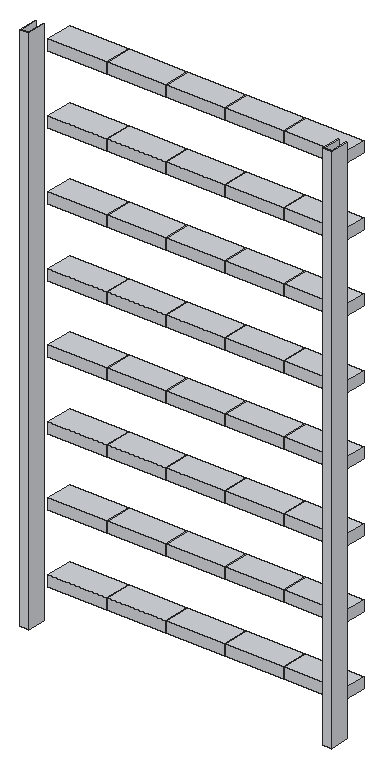
Revit family
Parameters
  c_spessoreU = 5 mm
  c_numerofile = (c_intervallobrise - c_distanzabrise) / (c_altezzabrise + c_distanzabrise)  # 8
  c_numerobrise = 5
  c_lunghezzabrise = 330 mm
  c_lunghezzaU = 100 mm
  c_luce [instance] = c_lunghezzabrise * c_numerobrise  # 1650 mm
  c_larghezzabrise = 150 mm
  c_intervallobrise = 2753 mm
  c_interpiano = 3000 mm
  c_internoU = 40 mm
  c_incidsole = 60.00°
  c_distanzabrise = (c_larghezzabrise * sin(c_incidsole)) / cos(c_incidsole)  # 259.808 mm
  c_altezzabrise = 60 mm
Reference planes
  plane 1 "Center (Front/Back)": y = 0
  plane 2: z = 0
  plane 3 "Left": x = 14.371
  plane 4: x = 1714.371
  plane 5: x = 1719.371
  plane 6: x = 1759.371
  plane 7: x = 1764.371
  plane 8: y = 5
  plane 9: y = 105
  plane 10: x = 19.371
  plane 11: x = 59.371
  plane 12: x = 64.371
  plane 13: y = 135
  plane 14: y = 285
  plane 15: x = 394.371
  plane 16: z = 2910.5
  plane 17: z = 2850.5
  plane 18: z = 2525.786
  plane 19: z = 157.5
  plane 20: z = 3000
Forms (mm)
  Extrusion 1, solid
    sketch origin (0, 0, 0) x (1, 0, 0) y (0, 1, 0)
      loop
        line (14.371, 105) -> (14.371, 0) -> (64.371, 0) -> (64.371, 105) -> (59.371, 105) -> (59.371, 5) -> (19.371, 5) -> (19.371, 105) -> (14.371, 105)
    from 0 to 3000
  Extrusion 2, solid
    sketch origin (1250, 0, 0) x (1, 0, 0) y (0, 1, 0)
      loop
        line (464.371, 105) -> (464.371, 0) -> (514.371, 0) -> (514.371, 105) -> (509.371, 105) -> (509.371, 5) -> (469.371, 5) -> (469.371, 105) -> (464.371, 105)
    from 0 to 3000
  Extrusion 3, solid, not visible
    sketch origin (0, 0, 0) x (1, 0, 0) y (0, 1, 0)
      loop
        line (64.371, 285) -> (64.371, 135) -> (394.371, 135) -> (394.371, 285) -> (64.371, 285)
    from 0 to 60
  Extrusion 4, solid, not visible
    sketch origin (330, 0, 0) x (1, 0, 0) y (0, 1, 0)
      loop
        line (64.371, 285) -> (64.371, 135) -> (394.371, 135) -> (394.371, 285) -> (64.371, 285)
    from 0 to 60
  Extrusion 5, solid, not visible
    sketch origin (660, 0, 0) x (1, 0, 0) y (0, 1, 0)
      loop
        line (64.371, 285) -> (64.371, 135) -> (394.371, 135) -> (394.371, 285) -> (64.371, 285)
    from 0 to 60
  Extrusion 6, solid, not visible
    sketch origin (990, 0, 0) x (1, 0, 0) y (0, 1, 0)
      loop
        line (64.371, 285) -> (64.371, 135) -> (394.371, 135) -> (394.371, 285) -> (64.371, 285)
    from 0 to 60
  Extrusion 7, solid, not visible
    sketch origin (1320, 0, 0) x (1, 0, 0) y (0, 1, 0)
      loop
        line (64.371, 285) -> (64.371, 135) -> (394.371, 135) -> (394.371, 285) -> (64.371, 285)
    from 0 to 60
  Extrusion 8, solid, not visible
    sketch origin (1650, 0, 0) x (1, 0, 0) y (0, 1, 0)
      loop
        line (64.371, 285) -> (64.371, 135) -> (394.371, 135) -> (394.371, 285) -> (64.371, 285)
    from 0 to 60
  Extrusion 9, solid, not visible
    sketch origin (1980, 0, 0) x (1, 0, 0) y (0, 1, 0)
      loop
        line (64.371, 285) -> (64.371, 135) -> (394.371, 135) -> (394.371, 285) -> (64.371, 285)
    from 0 to 60
  Extrusion 10, solid, not visible
    sketch origin (2310, 0, 0) x (1, 0, 0) y (0, 1, 0)
      loop
        line (64.371, 285) -> (64.371, 135) -> (394.371, 135) -> (394.371, 285) -> (64.371, 285)
    from 0 to 60
  Extrusion 11, solid, not visible
    sketch origin (0, 0, 0) x (1, 0, 0) y (0, 1, 0)
      loop
        line (64.371, 285) -> (64.371, 135) -> (394.371, 135) -> (394.371, 285) -> (64.371, 285)
    from 0 to 60
  Extrusion 12, solid, not visible
    sketch origin (330, 0, 0) x (1, 0, 0) y (0, 1, 0)
      loop
        line (64.371, 285) -> (64.371, 135) -> (394.371, 135) -> (394.371, 285) -> (64.371, 285)
    from 0 to 60
  Extrusion 13, solid, not visible
    sketch origin (660, 0, 0) x (1, 0, 0) y (0, 1, 0)
      loop
        line (64.371, 285) -> (64.371, 135) -> (394.371, 135) -> (394.371, 285) -> (64.371, 285)
    from 0 to 60
  Extrusion 14, solid, not visible
    sketch origin (990, 0, 0) x (1, 0, 0) y (0, 1, 0)
      loop
        line (64.371, 285) -> (64.371, 135) -> (394.371, 135) -> (394.371, 285) -> (64.371, 285)
    from 0 to 60
  Extrusion 15, solid, not visible
    sketch origin (1530, -10, 0) x (1, 0, 0) y (0, 1, 0)
      loop
        line (-145.629, 295) -> (-145.629, 145) -> (184.371, 145) -> (184.371, 295) -> (-145.629, 295)
    from 0 to 60
  Extrusion 16, solid, not visible
    sketch origin (1650, 0, 0) x (1, 0, 0) y (0, 1, 0)
      loop
        line (64.371, 285) -> (64.371, 135) -> (394.371, 135) -> (394.371, 285) -> (64.371, 285)
    from 0 to 60
  Extrusion 17, solid, not visible
    sketch origin (1980, 0, 0) x (1, 0, 0) y (0, 1, 0)
      loop
        line (64.371, 285) -> (64.371, 135) -> (394.371, 135) -> (394.371, 285) -> (64.371, 285)
    from 0 to 60
  Extrusion 18, solid, not visible
    sketch origin (2310, 0, 0) x (1, 0, 0) y (0, 1, 0)
      loop
        line (64.371, 285) -> (64.371, 135) -> (394.371, 135) -> (394.371, 285) -> (64.371, 285)
    from 0 to 60
  Extrusion 19, solid, not visible
    sketch origin (0, 0, 0) x (1, 0, 0) y (0, 1, 0)
      loop
        line (64.371, 285) -> (64.371, 135) -> (394.371, 135) -> (394.371, 285) -> (64.371, 285)
    from 2561.474 to 2741.474
  Extrusion 20, solid, not visible
    sketch origin (330, 0, 0) x (1, 0, 0) y (0, 1, 0)
      loop
        line (64.371, 285) -> (64.371, 135) -> (394.371, 135) -> (394.371, 285) -> (64.371, 285)
    from 2561.474 to 2741.474
  Extrusion 21, solid, not visible
    sketch origin (660, 0, 0) x (1, 0, 0) y (0, 1, 0)
      loop
        line (64.371, 285) -> (64.371, 135) -> (394.371, 135) -> (394.371, 285) -> (64.371, 285)
    from 2561.474 to 2741.474
  Extrusion 22, solid, not visible
    sketch origin (990, 0, 0) x (1, 0, 0) y (0, 1, 0)
      loop
        line (64.371, 285) -> (64.371, 135) -> (394.371, 135) -> (394.371, 285) -> (64.371, 285)
    from 2561.474 to 2741.474
  Extrusion 23, solid, not visible
    sketch origin (1530, -10, 0) x (1, 0, 0) y (0, 1, 0)
      loop
        line (-145.629, 295) -> (-145.629, 145) -> (184.371, 145) -> (184.371, 295) -> (-145.629, 295)
    from 2561.474 to 2741.474
  Extrusion 24, solid, not visible
    sketch origin (1650, 0, 0) x (1, 0, 0) y (0, 1, 0)
      loop
        line (64.371, 285) -> (64.371, 135) -> (394.371, 135) -> (394.371, 285) -> (64.371, 285)
    from 2561.474 to 2741.474
  Extrusion 25, solid, not visible
    sketch origin (1980, 0, 0) x (1, 0, 0) y (0, 1, 0)
      loop
        line (64.371, 285) -> (64.371, 135) -> (394.371, 135) -> (394.371, 285) -> (64.371, 285)
    from 2561.474 to 2741.474
  Extrusion 26, solid, not visible
    sketch origin (2310, 0, 0) x (1, 0, 0) y (0, 1, 0)
      loop
        line (64.371, 285) -> (64.371, 135) -> (394.371, 135) -> (394.371, 285) -> (64.371, 285)
    from 2561.474 to 2741.474
  Extrusion 27, solid
    sketch origin (0, 0, 169.026) x (1, 0, 0) y (0, 1, 0)
      loop
        line (64.371, 285) -> (64.371, 135) -> (394.371, 135) -> (394.371, 285) -> (64.371, 285)
    from 2681.474 to 2741.474
  Extrusion 28, solid
    sketch origin (330, 0, 169.026) x (1, 0, 0) y (0, 1, 0)
      loop
        line (64.371, 285) -> (64.371, 135) -> (394.371, 135) -> (394.371, 285) -> (64.371, 285)
    from 2681.474 to 2741.474
  Extrusion 29, solid
    sketch origin (660, 0, 169.026) x (1, 0, 0) y (0, 1, 0)
      loop
        line (64.371, 285) -> (64.371, 135) -> (394.371, 135) -> (394.371, 285) -> (64.371, 285)
    from 2681.474 to 2741.474
  Extrusion 30, solid
    sketch origin (990, 0, 169.026) x (1, 0, 0) y (0, 1, 0)
      loop
        line (64.371, 285) -> (64.371, 135) -> (394.371, 135) -> (394.371, 285) -> (64.371, 285)
    from 2681.474 to 2741.474
  Extrusion 31, solid
    sketch origin (1320, 0, 169.026) x (1, 0, 0) y (0, 1, 0)
      loop
        line (64.371, 285) -> (64.371, 135) -> (394.371, 135) -> (394.371, 285) -> (64.371, 285)
    from 2681.474 to 2741.474
  Extrusion 32, solid, not visible
    sketch origin (0, 0, 0) x (1, 0, 0) y (0, 1, 0)
      loop
        line (64.371, 285) -> (64.371, 135) -> (394.371, 135) -> (394.371, 285) -> (64.371, 285)
    from 2681.474 to 2741.474
  Extrusion 33, solid
    sketch origin (0, 0, -215.689) x (1, 0, 0) y (0, 1, 0)
      loop
        line (64.371, 285) -> (64.371, 135) -> (394.371, 135) -> (394.371, 285) -> (64.371, 285)
    from 2681.474 to 2741.474
  Extrusion 34, solid
    sketch origin (330, 0, -215.689) x (1, 0, 0) y (0, 1, 0)
      loop
        line (64.371, 285) -> (64.371, 135) -> (394.371, 135) -> (394.371, 285) -> (64.371, 285)
    from 2681.474 to 2741.474
  Extrusion 35, solid
    sketch origin (660, 0, -215.689) x (1, 0, 0) y (0, 1, 0)
      loop
        line (64.371, 285) -> (64.371, 135) -> (394.371, 135) -> (394.371, 285) -> (64.371, 285)
    from 2681.474 to 2741.474
  Extrusion 36, solid
    sketch origin (990, 0, -215.689) x (1, 0, 0) y (0, 1, 0)
      loop
        line (64.371, 285) -> (64.371, 135) -> (394.371, 135) -> (394.371, 285) -> (64.371, 285)
    from 2681.474 to 2741.474
  Extrusion 37, solid
    sketch origin (1320, 0, -215.689) x (1, 0, 0) y (0, 1, 0)
      loop
        line (64.371, 285) -> (64.371, 135) -> (394.371, 135) -> (394.371, 285) -> (64.371, 285)
    from 2681.474 to 2741.474
  Extrusion 38, solid
    sketch origin (0, 0, -2523.974) x (1, 0, 0) y (0, 1, 0)
      loop
        line (64.371, 285) -> (64.371, 135) -> (394.371, 135) -> (394.371, 285) -> (64.371, 285)
    from 2681.474 to 2741.474
  Extrusion 39, solid
    sketch origin (330, 0, -2523.974) x (1, 0, 0) y (0, 1, 0)
      loop
        line (64.371, 285) -> (64.371, 135) -> (394.371, 135) -> (394.371, 285) -> (64.371, 285)
    from 2681.474 to 2741.474
  Extrusion 40, solid
    sketch origin (660, 0, -2523.974) x (1, 0, 0) y (0, 1, 0)
      loop
        line (64.371, 285) -> (64.371, 135) -> (394.371, 135) -> (394.371, 285) -> (64.371, 285)
    from 2681.474 to 2741.474
  Extrusion 41, solid
    sketch origin (990, 0, -2523.974) x (1, 0, 0) y (0, 1, 0)
      loop
        line (64.371, 285) -> (64.371, 135) -> (394.371, 135) -> (394.371, 285) -> (64.371, 285)
    from 2681.474 to 2741.474
  Extrusion 42, solid
    sketch origin (1320, 0, -2523.974) x (1, 0, 0) y (0, 1, 0)
      loop
        line (64.371, 285) -> (64.371, 135) -> (394.371, 135) -> (394.371, 285) -> (64.371, 285)
    from 2681.474 to 2741.474
  Extrusion 43, solid
    sketch origin (0, 0, -600.403) x (1, 0, 0) y (0, 1, 0)
      loop
        line (64.371, 285) -> (64.371, 135) -> (394.371, 135) -> (394.371, 285) -> (64.371, 285)
    from 2681.474 to 2741.474
  Extrusion 44, solid
    sketch origin (330, 0, -600.403) x (1, 0, 0) y (0, 1, 0)
      loop
        line (64.371, 285) -> (64.371, 135) -> (394.371, 135) -> (394.371, 285) -> (64.371, 285)
    from 2681.474 to 2741.474
  Extrusion 45, solid
    sketch origin (660, 0, -600.403) x (1, 0, 0) y (0, 1, 0)
      loop
        line (64.371, 285) -> (64.371, 135) -> (394.371, 135) -> (394.371, 285) -> (64.371, 285)
    from 2681.474 to 2741.474
  Extrusion 46, solid
    sketch origin (990, 0, -600.403) x (1, 0, 0) y (0, 1, 0)
      loop
        line (64.371, 285) -> (64.371, 135) -> (394.371, 135) -> (394.371, 285) -> (64.371, 285)
    from 2681.474 to 2741.474
  Extrusion 47, solid
    sketch origin (1320, 0, -600.403) x (1, 0, 0) y (0, 1, 0)
      loop
        line (64.371, 285) -> (64.371, 135) -> (394.371, 135) -> (394.371, 285) -> (64.371, 285)
    from 2681.474 to 2741.474
  Extrusion 48, solid
    sketch origin (0, 0, -985.117) x (1, 0, 0) y (0, 1, 0)
      loop
        line (64.371, 285) -> (64.371, 135) -> (394.371, 135) -> (394.371, 285) -> (64.371, 285)
    from 2681.474 to 2741.474
  Extrusion 49, solid
    sketch origin (330, 0, -985.117) x (1, 0, 0) y (0, 1, 0)
      loop
        line (64.371, 285) -> (64.371, 135) -> (394.371, 135) -> (394.371, 285) -> (64.371, 285)
    from 2681.474 to 2741.474
  Extrusion 50, solid
    sketch origin (660, 0, -985.117) x (1, 0, 0) y (0, 1, 0)
      loop
        line (64.371, 285) -> (64.371, 135) -> (394.371, 135) -> (394.371, 285) -> (64.371, 285)
    from 2681.474 to 2741.474
  Extrusion 51, solid
    sketch origin (990, 0, -985.117) x (1, 0, 0) y (0, 1, 0)
      loop
        line (64.371, 285) -> (64.371, 135) -> (394.371, 135) -> (394.371, 285) -> (64.371, 285)
    from 2681.474 to 2741.474
  Extrusion 52, solid
    sketch origin (1320, 0, -985.117) x (1, 0, 0) y (0, 1, 0)
      loop
        line (64.371, 285) -> (64.371, 135) -> (394.371, 135) -> (394.371, 285) -> (64.371, 285)
    from 2681.474 to 2741.474
  Extrusion 53, solid
    sketch origin (0, 0, -1369.831) x (1, 0, 0) y (0, 1, 0)
      loop
        line (64.371, 285) -> (64.371, 135) -> (394.371, 135) -> (394.371, 285) -> (64.371, 285)
    from 2681.474 to 2741.474
  Extrusion 54, solid
    sketch origin (330, 0, -1369.831) x (1, 0, 0) y (0, 1, 0)
      loop
        line (64.371, 285) -> (64.371, 135) -> (394.371, 135) -> (394.371, 285) -> (64.371, 285)
    from 2681.474 to 2741.474
  Extrusion 55, solid
    sketch origin (660, 0, -1369.831) x (1, 0, 0) y (0, 1, 0)
      loop
        line (64.371, 285) -> (64.371, 135) -> (394.371, 135) -> (394.371, 285) -> (64.371, 285)
    from 2681.474 to 2741.474
  Extrusion 56, solid
    sketch origin (990, 0, -1369.831) x (1, 0, 0) y (0, 1, 0)
      loop
        line (64.371, 285) -> (64.371, 135) -> (394.371, 135) -> (394.371, 285) -> (64.371, 285)
    from 2681.474 to 2741.474
  Extrusion 57, solid
    sketch origin (1320, 0, -1369.831) x (1, 0, 0) y (0, 1, 0)
      loop
        line (64.371, 285) -> (64.371, 135) -> (394.371, 135) -> (394.371, 285) -> (64.371, 285)
    from 2681.474 to 2741.474
  Extrusion 58, solid
    sketch origin (0, 0, -1754.546) x (1, 0, 0) y (0, 1, 0)
      loop
        line (64.371, 285) -> (64.371, 135) -> (394.371, 135) -> (394.371, 285) -> (64.371, 285)
    from 2681.474 to 2741.474
  Extrusion 59, solid
    sketch origin (330, 0, -1754.546) x (1, 0, 0) y (0, 1, 0)
      loop
        line (64.371, 285) -> (64.371, 135) -> (394.371, 135) -> (394.371, 285) -> (64.371, 285)
    from 2681.474 to 2741.474
  Extrusion 60, solid
    sketch origin (660, 0, -1754.546) x (1, 0, 0) y (0, 1, 0)
      loop
        line (64.371, 285) -> (64.371, 135) -> (394.371, 135) -> (394.371, 285) -> (64.371, 285)
    from 2681.474 to 2741.474
  Extrusion 61, solid
    sketch origin (990, 0, -1754.546) x (1, 0, 0) y (0, 1, 0)
      loop
        line (64.371, 285) -> (64.371, 135) -> (394.371, 135) -> (394.371, 285) -> (64.371, 285)
    from 2681.474 to 2741.474
  Extrusion 62, solid
    sketch origin (1320, 0, -1754.546) x (1, 0, 0) y (0, 1, 0)
      loop
        line (64.371, 285) -> (64.371, 135) -> (394.371, 135) -> (394.371, 285) -> (64.371, 285)
    from 2681.474 to 2741.474
  Extrusion 63, solid
    sketch origin (0, 0, -2139.26) x (1, 0, 0) y (0, 1, 0)
      loop
        line (64.371, 285) -> (64.371, 135) -> (394.371, 135) -> (394.371, 285) -> (64.371, 285)
    from 2681.474 to 2741.474
  Extrusion 64, solid
    sketch origin (330, 0, -2139.26) x (1, 0, 0) y (0, 1, 0)
      loop
        line (64.371, 285) -> (64.371, 135) -> (394.371, 135) -> (394.371, 285) -> (64.371, 285)
    from 2681.474 to 2741.474
  Extrusion 65, solid
    sketch origin (660, 0, -2139.26) x (1, 0, 0) y (0, 1, 0)
      loop
        line (64.371, 285) -> (64.371, 135) -> (394.371, 135) -> (394.371, 285) -> (64.371, 285)
    from 2681.474 to 2741.474
  Extrusion 66, solid
    sketch origin (990, 0, -2139.26) x (1, 0, 0) y (0, 1, 0)
      loop
        line (64.371, 285) -> (64.371, 135) -> (394.371, 135) -> (394.371, 285) -> (64.371, 285)
    from 2681.474 to 2741.474
  Extrusion 67, solid
    sketch origin (1320, 0, -2139.26) x (1, 0, 0) y (0, 1, 0)
      loop
        line (64.371, 285) -> (64.371, 135) -> (394.371, 135) -> (394.371, 285) -> (64.371, 285)
    from 2681.474 to 2741.474
Dimensions and locks
  "c_spessoreU": plane 1 "Center (Front/Back)" to plane 8
  "c_lunghezzaU": plane 9 to plane 8
  "c_spessoreU": plane 4 to plane 5
  "c_internoU": plane 5 to plane 6
  "c_spessoreU": plane 6 to plane 7
  "c_spessoreU": plane 3 "Left" to plane 10
  "c_internoU": plane 10 to plane 11
  "c_spessoreU": plane 11 to plane 12
  "c_luce": plane 12 to plane 4
  locked: plane 13 to plane 9 at 30
  "c_larghezzabrise": plane 14 to plane 13
  "c_lunghezzabrise": plane 12 to plane 15
  "c_altezzabrise": plane 16 to plane 17
  equal spacing: group 4, group 5, group 6, group 7, group 8  (x3)
  equal spacing: group 11, group 12, group 13, group 14, group 15  (x3)
  equal spacing: group 10, group 16, group 28, group 34, group 40, group 46, group 52, group 22  (x2)
  equal spacing: group 22, group 52, group 46, group 40, group 34, group 28, group 16, group 10
  equal spacing: group 17, group 18, group 19, group 20, group 21  (x3)
  equal spacing: group 23, group 24, group 25, group 26, group 27  (x3)
  equal spacing: group 29, group 30, group 31, group 32, group 33  (x3)
  "c_intervallobrise": plane 16 to plane 19
  equal spacing: group 35, group 36, group 37, group 38, group 39  (x3)
  equal spacing: group 41, group 42, group 43, group 44, group 45  (x3)
  equal spacing: group 47, group 48, group 49, group 50, group 51  (x3)
  aligned and locked: Extrusion 1 sketch curve to plane 3 "Left"
  aligned and locked: Extrusion 1 sketch curve to plane 1 "Center (Front/Back)"
  aligned and locked: Extrusion 1 sketch curve to plane 12
  aligned and locked: Extrusion 1 sketch curve to plane 8
  aligned and locked: Extrusion 1 sketch curve to plane 11
  aligned and locked: Extrusion 1 sketch curve to plane 9
  aligned and locked: Extrusion 27 to plane 15
  aligned and locked: Extrusion 27 to plane 12
  aligned and locked: plane 14 to Extrusion 27
  aligned and locked: Extrusion 27 to plane 13
  aligned and locked: plane 16 to Extrusion 27
  aligned and locked: Extrusion 27 to plane 17
  aligned and locked: plane 18 to Extrusion 33
  aligned and locked: Extrusion 27 to plane 16
  aligned and locked: Extrusion 28 to plane 17
  aligned and locked: plane 19 to Extrusion 38
  aligned and locked: plane 20 to Extrusion 1
  aligned and locked: Extrusion 1 to plane 20
  aligned and locked: plane 20 to Extrusion 2
Automatic sketch dimensions
  Extrusion 1 sketch curve to plane 10 = 0 mm
  Extrusion 1 sketch curve to plane 9 = 0 mm
  plane 1 "Center (Front/Back)" to Extrusion 2 sketch curve = 0 mm
  Extrusion 2 sketch curve to plane 4 = 0 mm
  Extrusion 2 sketch curve to plane 5 = 0 mm
  Extrusion 2 sketch curve to plane 6 = 0 mm
  Extrusion 2 sketch curve to plane 7 = 0 mm
  Extrusion 2 sketch curve to plane 8 = 0 mm
  Extrusion 2 sketch curve to plane 9 = 0 mm  (x2)
  Extrusion 3 sketch curve to Extrusion 3 sketch curve = 330 mm
  Extrusion 3 sketch curve to Extrusion 3 sketch curve = 150 mm
  Extrusion 4 sketch curve to Extrusion 4 sketch curve = 330 mm
  Extrusion 4 sketch curve to Extrusion 4 sketch curve = 150 mm
  Extrusion 5 sketch curve to Extrusion 5 sketch curve = 330 mm
  Extrusion 5 sketch curve to Extrusion 5 sketch curve = 150 mm
  Extrusion 6 sketch curve to Extrusion 6 sketch curve = 330 mm
  Extrusion 6 sketch curve to Extrusion 6 sketch curve = 150 mm
  Extrusion 7 sketch curve to Extrusion 7 sketch curve = 330 mm
  Extrusion 7 sketch curve to Extrusion 7 sketch curve = 150 mm
  Extrusion 8 sketch curve to Extrusion 8 sketch curve = 330 mm
  Extrusion 8 sketch curve to Extrusion 8 sketch curve = 150 mm
  Extrusion 9 sketch curve to Extrusion 9 sketch curve = 330 mm
  Extrusion 9 sketch curve to Extrusion 9 sketch curve = 150 mm
  Extrusion 10 sketch curve to Extrusion 10 sketch curve = 330 mm
  Extrusion 10 sketch curve to Extrusion 10 sketch curve = 150 mm
  Extrusion 11 sketch curve to Extrusion 11 sketch curve = 330 mm
  Extrusion 11 sketch curve to Extrusion 11 sketch curve = 150 mm
  Extrusion 12 sketch curve to Extrusion 12 sketch curve = 330 mm
  Extrusion 12 sketch curve to Extrusion 12 sketch curve = 150 mm
  Extrusion 13 sketch curve to Extrusion 13 sketch curve = 330 mm
  Extrusion 13 sketch curve to Extrusion 13 sketch curve = 150 mm
  Extrusion 14 sketch curve to Extrusion 14 sketch curve = 330 mm
  Extrusion 14 sketch curve to Extrusion 14 sketch curve = 150 mm
  Extrusion 15 sketch curve to Extrusion 15 sketch curve = 330 mm
  Extrusion 15 sketch curve to Extrusion 15 sketch curve = 150 mm
  Extrusion 16 sketch curve to Extrusion 16 sketch curve = 330 mm
  Extrusion 16 sketch curve to Extrusion 16 sketch curve = 150 mm
  Extrusion 17 sketch curve to Extrusion 17 sketch curve = 330 mm
  Extrusion 17 sketch curve to Extrusion 17 sketch curve = 150 mm
  Extrusion 18 sketch curve to Extrusion 18 sketch curve = 330 mm
  Extrusion 18 sketch curve to Extrusion 18 sketch curve = 150 mm
  Extrusion 19 sketch curve to Extrusion 19 sketch curve = 330 mm
  Extrusion 19 sketch curve to Extrusion 19 sketch curve = 150 mm
  Extrusion 20 sketch curve to Extrusion 20 sketch curve = 330 mm
  Extrusion 20 sketch curve to Extrusion 20 sketch curve = 150 mm
  Extrusion 21 sketch curve to Extrusion 21 sketch curve = 330 mm
  Extrusion 21 sketch curve to Extrusion 21 sketch curve = 150 mm
  Extrusion 22 sketch curve to Extrusion 22 sketch curve = 330 mm
  Extrusion 22 sketch curve to Extrusion 22 sketch curve = 150 mm
  Extrusion 23 sketch curve to Extrusion 23 sketch curve = 330 mm
  Extrusion 23 sketch curve to Extrusion 23 sketch curve = 150 mm
  Extrusion 24 sketch curve to Extrusion 24 sketch curve = 330 mm
  Extrusion 24 sketch curve to Extrusion 24 sketch curve = 150 mm
  Extrusion 25 sketch curve to Extrusion 25 sketch curve = 330 mm
  Extrusion 25 sketch curve to Extrusion 25 sketch curve = 150 mm
  Extrusion 26 sketch curve to Extrusion 26 sketch curve = 330 mm
  Extrusion 26 sketch curve to Extrusion 26 sketch curve = 150 mm
  Extrusion 27 sketch curve to Extrusion 27 sketch curve = 330 mm
  Extrusion 27 sketch curve to Extrusion 27 sketch curve = 150 mm
  Extrusion 28 sketch curve to Extrusion 28 sketch curve = 330 mm
  Extrusion 28 sketch curve to Extrusion 28 sketch curve = 150 mm
  Extrusion 29 sketch curve to Extrusion 29 sketch curve = 330 mm
  Extrusion 29 sketch curve to Extrusion 29 sketch curve = 150 mm
  Extrusion 30 sketch curve to Extrusion 30 sketch curve = 330 mm
  Extrusion 30 sketch curve to Extrusion 30 sketch curve = 150 mm
  Extrusion 31 sketch curve to Extrusion 31 sketch curve = 330 mm
  Extrusion 31 sketch curve to Extrusion 31 sketch curve = 150 mm
  Extrusion 32 sketch curve to Extrusion 32 sketch curve = 330 mm
  Extrusion 32 sketch curve to Extrusion 32 sketch curve = 150 mm
  Extrusion 33 sketch curve to Extrusion 33 sketch curve = 330 mm
  Extrusion 33 sketch curve to Extrusion 33 sketch curve = 150 mm
  Extrusion 34 sketch curve to Extrusion 34 sketch curve = 330 mm
  Extrusion 34 sketch curve to Extrusion 34 sketch curve = 150 mm
  Extrusion 35 sketch curve to Extrusion 35 sketch curve = 330 mm
  Extrusion 35 sketch curve to Extrusion 35 sketch curve = 150 mm
  Extrusion 36 sketch curve to Extrusion 36 sketch curve = 330 mm
  Extrusion 36 sketch curve to Extrusion 36 sketch curve = 150 mm
  Extrusion 37 sketch curve to Extrusion 37 sketch curve = 330 mm
  Extrusion 37 sketch curve to Extrusion 37 sketch curve = 150 mm
  Extrusion 38 sketch curve to Extrusion 38 sketch curve = 330 mm
  Extrusion 38 sketch curve to Extrusion 38 sketch curve = 150 mm
  Extrusion 39 sketch curve to Extrusion 39 sketch curve = 330 mm
  Extrusion 39 sketch curve to Extrusion 39 sketch curve = 150 mm
  Extrusion 40 sketch curve to Extrusion 40 sketch curve = 330 mm
  Extrusion 40 sketch curve to Extrusion 40 sketch curve = 150 mm
  Extrusion 41 sketch curve to Extrusion 41 sketch curve = 330 mm
  Extrusion 41 sketch curve to Extrusion 41 sketch curve = 150 mm
  Extrusion 42 sketch curve to Extrusion 42 sketch curve = 330 mm
  Extrusion 42 sketch curve to Extrusion 42 sketch curve = 150 mm
  Extrusion 43 sketch curve to Extrusion 43 sketch curve = 330 mm
  Extrusion 43 sketch curve to Extrusion 43 sketch curve = 150 mm
  Extrusion 44 sketch curve to Extrusion 44 sketch curve = 330 mm
  Extrusion 44 sketch curve to Extrusion 44 sketch curve = 150 mm
  Extrusion 45 sketch curve to Extrusion 45 sketch curve = 330 mm
  Extrusion 45 sketch curve to Extrusion 45 sketch curve = 150 mm
  Extrusion 46 sketch curve to Extrusion 46 sketch curve = 330 mm
  Extrusion 46 sketch curve to Extrusion 46 sketch curve = 150 mm
  Extrusion 47 sketch curve to Extrusion 47 sketch curve = 330 mm
  Extrusion 47 sketch curve to Extrusion 47 sketch curve = 150 mm
  Extrusion 48 sketch curve to Extrusion 48 sketch curve = 330 mm
  Extrusion 48 sketch curve to Extrusion 48 sketch curve = 150 mm
  Extrusion 49 sketch curve to Extrusion 49 sketch curve = 330 mm
  Extrusion 49 sketch curve to Extrusion 49 sketch curve = 150 mm
  Extrusion 50 sketch curve to Extrusion 50 sketch curve = 330 mm
  Extrusion 50 sketch curve to Extrusion 50 sketch curve = 150 mm
  Extrusion 51 sketch curve to Extrusion 51 sketch curve = 330 mm
  Extrusion 51 sketch curve to Extrusion 51 sketch curve = 150 mm
  Extrusion 52 sketch curve to Extrusion 52 sketch curve = 330 mm
  Extrusion 52 sketch curve to Extrusion 52 sketch curve = 150 mm
  Extrusion 53 sketch curve to Extrusion 53 sketch curve = 330 mm
  Extrusion 53 sketch curve to Extrusion 53 sketch curve = 150 mm
  Extrusion 54 sketch curve to Extrusion 54 sketch curve = 330 mm
  Extrusion 54 sketch curve to Extrusion 54 sketch curve = 150 mm
  Extrusion 55 sketch curve to Extrusion 55 sketch curve = 330 mm
  Extrusion 55 sketch curve to Extrusion 55 sketch curve = 150 mm
  Extrusion 56 sketch curve to Extrusion 56 sketch curve = 330 mm
  Extrusion 56 sketch curve to Extrusion 56 sketch curve = 150 mm
  Extrusion 57 sketch curve to Extrusion 57 sketch curve = 330 mm
  Extrusion 57 sketch curve to Extrusion 57 sketch curve = 150 mm
  Extrusion 58 sketch curve to Extrusion 58 sketch curve = 330 mm
  Extrusion 58 sketch curve to Extrusion 58 sketch curve = 150 mm
  Extrusion 59 sketch curve to Extrusion 59 sketch curve = 330 mm
  Extrusion 59 sketch curve to Extrusion 59 sketch curve = 150 mm
  Extrusion 60 sketch curve to Extrusion 60 sketch curve = 330 mm
  Extrusion 60 sketch curve to Extrusion 60 sketch curve = 150 mm
  Extrusion 61 sketch curve to Extrusion 61 sketch curve = 330 mm
  Extrusion 61 sketch curve to Extrusion 61 sketch curve = 150 mm
  Extrusion 62 sketch curve to Extrusion 62 sketch curve = 330 mm
  Extrusion 62 sketch curve to Extrusion 62 sketch curve = 150 mm
  Extrusion 63 sketch curve to Extrusion 63 sketch curve = 330 mm
  Extrusion 63 sketch curve to Extrusion 63 sketch curve = 150 mm
  Extrusion 64 sketch curve to Extrusion 64 sketch curve = 330 mm
  Extrusion 64 sketch curve to Extrusion 64 sketch curve = 150 mm
  Extrusion 65 sketch curve to Extrusion 65 sketch curve = 330 mm
  Extrusion 65 sketch curve to Extrusion 65 sketch curve = 150 mm
  Extrusion 66 sketch curve to Extrusion 66 sketch curve = 330 mm
  Extrusion 66 sketch curve to Extrusion 66 sketch curve = 150 mm
  Extrusion 67 sketch curve to Extrusion 67 sketch curve = 330 mm
  Extrusion 67 sketch curve to Extrusion 67 sketch curve = 150 mm
